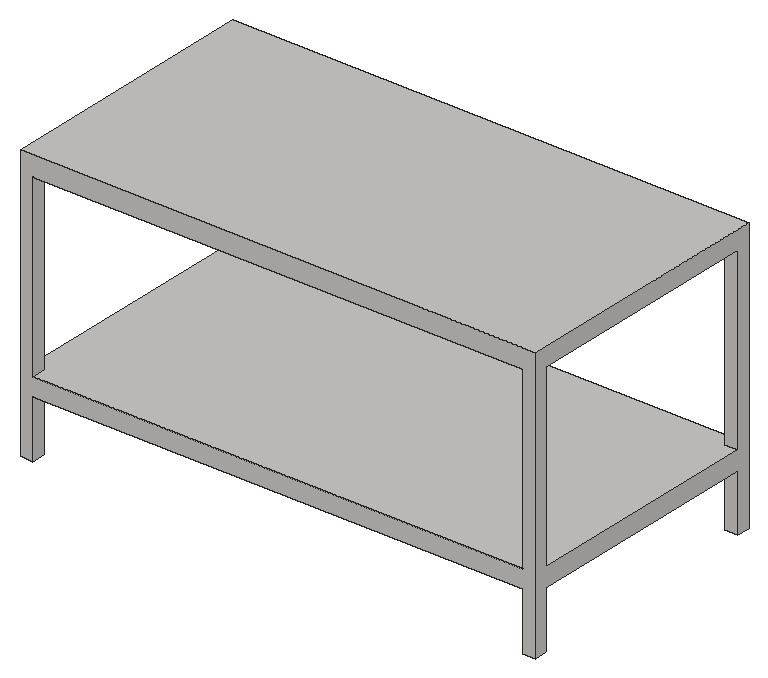
Revit family "QF_CAPIC_AVEN_W543013", category Equipement spécialisé, Revit 2018
Family settings
  Cote de connecteur circulaire = Utiliser le diamètre
  Type d'élément = Normal
  Numéro OmniClass = 23.40.40.14
  Titre OmniClass = Food Service Equipment
  Basée sur le plan de construction = Non
  Toujours verticalement = Oui
  Couper avec des vides une fois chargée = Non
  Partagée = Non
  Point de calcul de pièce = Non
Parameters (values of type "1200 mm")
  URL catalogue = "http://www.capic-fr.com/fr/"
  Type de Raccord Plomberie [instance] = ""
  Type de Raccord Electrique [instance] = ""
  Type de Gaz = ""
  Type article [instance] = ""
  Tension = 0 V
  Spécification du Fabricant = ""
  Show Logo = yes
  Remarques evacuation [instance] = ""
  Remarques Plomberie [instance] = ""
  Remarques Electricité [instance] = ""
  Puissance électrique  = 0 W
  Puissance Gaz kW = 0
  Profondeur hors tout = 600 mm
  Pression Maximum Eau Adoucie = 0.0 Pa
  Poids net à vide = 33.00 kg
  Phase = 0
  Modèle = "W543013"
  Longueur hors tout = 1200 mm
  Intensité nominale = 0 A
  Hauteur hors tout = 638 mm
  Hauteur de Raccordement du Sol Finis = 0 mm
  Hauteur de Raccordement Gaz du Sol Finis = 0 mm
  Hauteur de Raccordement Evacuation Directe du Sol Finis = 0 mm
  Hauteur de Raccordement Eau Froide du Sol Finis = 0 mm
  Hauteur de Raccordement Eau Chaude du Sol Finis = 0 mm
  Hauteur de Raccordement Eau Adoucie du Sol Finis = 0 mm
  Fréquence = 0 Hz
  Fabricant = "CAPIC"
  Débit d'air d'extraction = 0.0 m³/h
  Débit Gaz = 0.0 L/s
  Débit Eau Froide = 0.0 L/s
  Débit Eau Chaude = 0.0 L/s
  Débit Eau Adoucie = 0.0 L/s
  Diamètre de Raccordement Gaz = 0 mm
  Diamètre de Raccordement Evacuation = 0 mm
  Diamètre de Raccordement Eau Froide = 0 mm
  Diamètre de Raccordement Eau Chaude = 0 mm
  Diamètre de Raccordement Eau Adoucie = 0 mm
  Description = "Pietement simple"
  Assembly Code = ""
  Classification  Omniclass nombre et titre = "23.40.40.14"
Reference planes
  plane 1 "Centre (avant/arrière)": y = 0
  plane 2: z = 0
  plane 3 "Centre (gauche/droite)": x = 0
  plane 4: y = -45
  plane 5: y = -663
  plane 6: x = 1200
  plane 7: y = -75
  plane 8: y = -633
  plane 9: x = 30
  plane 10: x = 1170
  plane 11: z = 638
  plane 12: z = 134
  plane 13: z = 594
Forms (mm)
  Extrusion 1, solid, material "QF_Stainless Steel-Brushed"
    sketch origin (0, 0, 0) x (1, 0, 0) y (0, 1, 0)
      loop
        line (0, -45) -> (0, -75) -> (30, -75) -> (30, -45) -> (0, -45)
      loop
        line (1170, -45) -> (1170, -75) -> (1200, -75) -> (1200, -45) -> (1170, -45)
      loop
        line (1170, -633) -> (1170, -663) -> (1200, -663) -> (1200, -633) -> (1170, -633)
      loop
        line (0, -633) -> (0, -663) -> (30, -663) -> (30, -633) -> (0, -633)
    from 0 to 638
  Extrusion 2, solid, material "QF_Stainless Steel-Brushed"
    sketch origin (0, 0, 0) x (1, 0, 0) y (0, 1, 0)
      loop
        line (0, -45) -> (0, -663) -> (1200, -663) -> (1200, -45) -> (0, -45)
    from 134 to 177
  Extrusion 3, solid, material "QF_Stainless Steel-Brushed"
    sketch origin (0, 0, 0) x (1, 0, 0) y (0, 1, 0)
      loop
        line (0, -45) -> (0, -663) -> (1200, -663) -> (1200, -45) -> (0, -45)
    from 594 to 638
Cuts and joins
  joined: Extrusion 1, Extrusion 2, Extrusion 3
Dimensions and locks
  locked: plane 4 to plane 1 "Centre (avant/arrière)" at 45
  locked: plane 4 to plane 5 at 618
  locked: plane 4 to plane 7 at 30
  locked: plane 8 to plane 5 at 30
  "Longueur hors tout": plane 3 "Centre (gauche/droite)" to plane 6
  locked: plane 3 "Centre (gauche/droite)" to plane 9 at 30
  locked: plane 10 to plane 6 at 30
  locked: plane 11 to level at 638
  aligned and locked: level to plane 2
  aligned and locked: Extrusion 1 sketch curve to plane 4  (x2)
  aligned and locked: plane 3 "Centre (gauche/droite)" to Extrusion 1 sketch curve  (x2)
  aligned and locked: plane 7 to Extrusion 1 sketch curve  (x2)
  aligned and locked: Extrusion 1 sketch curve to plane 9  (x2)
  aligned and locked: plane 10 to Extrusion 1 sketch curve  (x2)
  aligned and locked: Extrusion 1 sketch curve to plane 6  (x2)
  aligned and locked: Extrusion 1 sketch curve to plane 8  (x2)
  aligned and locked: plane 5 to Extrusion 1 sketch curve  (x2)
  aligned and locked: Extrusion 1 to level
  aligned and locked: plane 11 to Extrusion 1
  aligned and locked: Extrusion 2 sketch curve to Extrusion 1  (x4)
  aligned and locked: Extrusion 2 to plane 12
  aligned and locked: Extrusion 3 sketch curve to Extrusion 2  (x2)
  aligned and locked: plane 5 to Extrusion 3 sketch curve
  aligned and locked: Extrusion 3 sketch curve to plane 6
  aligned and locked: plane 11 to Extrusion 3
  aligned and locked: Extrusion 3 to plane 13
